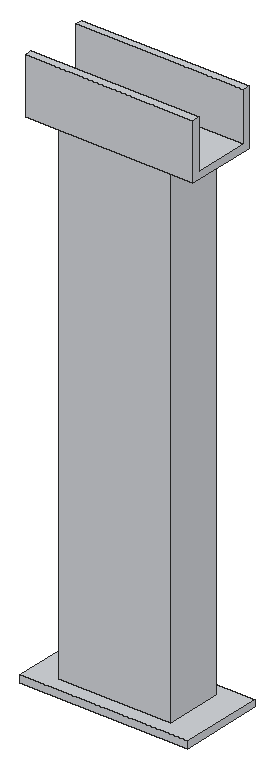
Revit family "ФП_Стойка", category Обобщенные модели, Revit 2026
Family settings
  Может служить основой для арматурных стержней = Нет
  Размер круглого соединителя = Использовать диаметр
  Тип детали = Нормальный
  На основе рабочей плоскости = Нет
  Всегда вертикально = Да
  При загрузке вырезать с полостями = Нет
  Сохранять ориентацию аннотаций = Нет
  Общий = Нет
  Точка принадлежности помещению = Нет
Parameters
  Стойка_ширина = Опора_ширина - 20 mm  # 40 mm
  Стойка_длина = FP_Размер_Опоры - 40 mm  # 80 mm
  Отметка по умолчанию = 0 mm
  Опора_ширина = FP_Размер_Опоры / 2  # 60 mm
  FP_Ряд [instance] = 0
  FP_Размер_Опоры = 120 mm
  FP_Размер_Оголовка = 0 mm
  FP_Марка [instance] = ""
  FP_Колонка [instance] = 0
  FP_Высота_Стойки [instance] = 360 mm
Reference planes
  plane 1 "По центру (Вперед/Назад)": y = 0
  plane 2: z = 0
  plane 3 "По центру (Влево/Вправо)": x = 0
  plane 4: x = -60
  plane 5: x = 60
  plane 6: x = -40
  plane 7: x = 40
  plane 8: y = 20
  plane 9: y = -20
  plane 10: y = 30
  plane 11: y = -30
  plane 12: z = 5
  plane 13: z = 400
  plane 14: z = 360
Forms (mm)
  Extrusion 1, solid
    sketch origin (0, 0, 0) x (1, 0, 0) y (0, 1, 0)
      loop
        line (-60, 30) -> (-60, -30) -> (60, -30) -> (60, 30) -> (-60, 30)
    from 0 to 5
  Extrusion 2, solid
    sketch origin (0, 0, 0) x (1, 0, 0) y (0, 1, 0)
      loop
        line (-40, 20) -> (-40, -20) -> (40, -20) -> (40, 20) -> (-40, 20)
    from 5 to 360
  Extrusion 3, solid
    sketch origin (0, 0, 0) x (1, 0, 0) y (0, 1, 0)
      loop
        line (-60, 25) -> (-60, -25) -> (60, -25) -> (60, 25) -> (-60, 25)
    from 360 to 400
  Extrusion 4, void
    sketch origin (0, 0, 0) x (0, 1, 0) y (0, 0, 1)
      loop
        line (20, 400) -> (-20, 400) -> (-20, 365) -> (20, 365) -> (20, 400)
    from -60 to 60
Cuts and joins
  Extrusion 4 cuts Extrusion 3
Dimensions and locks
  equal spacing: plane 10, plane 1 "По центру (Вперед/Назад)", plane 11
  equal spacing: plane 4, plane 3 "По центру (Влево/Вправо)", plane 5
  "FP_Размер_Опоры": plane 4 to plane 5
  "Опора_ширина": plane 10 to plane 11
  equal spacing: plane 6, plane 3 "По центру (Влево/Вправо)", plane 7
  equal spacing: plane 8, plane 1 "По центру (Вперед/Назад)", plane 9
  "Стойка_ширина": plane 8 to plane 9
  "Стойка_длина": plane 6 to plane 7
  locked: plane 12 to plane 2 at 5
  "FP_Высота_Стойки": plane 14 to plane 2
  locked: plane 13 to plane 14 at 40
  equal spacing: Extrusion 3, plane 1 "По центру (Вперед/Назад)", Extrusion 3
  locked: Extrusion 3 to Extrusion 3 at 50
  locked: Extrusion 4 sketch curve to Extrusion 3 at 5
  aligned and locked: level to plane 2
  aligned and locked: Extrusion 1 sketch curve to plane 10
  aligned and locked: plane 4 to Extrusion 1 sketch curve
  aligned and locked: plane 11 to Extrusion 1 sketch curve
  aligned and locked: Extrusion 1 sketch curve to plane 5
  aligned and locked: plane 12 to Extrusion 1
  aligned and locked: Extrusion 2 sketch curve to plane 8
  aligned and locked: plane 6 to Extrusion 2 sketch curve
  aligned and locked: plane 9 to Extrusion 2 sketch curve
  aligned and locked: Extrusion 2 sketch curve to plane 7
  aligned and locked: Extrusion 2 to plane 12
  aligned and locked: plane 14 to Extrusion 2
  aligned and locked: plane 4 to Extrusion 3 sketch curve
  aligned and locked: Extrusion 3 sketch curve to plane 5
  aligned and locked: plane 13 to Extrusion 3
  aligned and locked: Extrusion 3 to plane 14
  aligned and locked: plane 13 to Extrusion 4 sketch curve
  aligned and locked: plane 8 to Extrusion 4 sketch curve
  aligned and locked: Extrusion 4 sketch curve to plane 9
  aligned and locked: plane 5 to Extrusion 4
  aligned and locked: Extrusion 4 to plane 4
Automatic sketch dimensions
  Extrusion 3 sketch curve to plane 9 = 5 mm
  plane 8 to Extrusion 3 sketch curve = 5 mm
